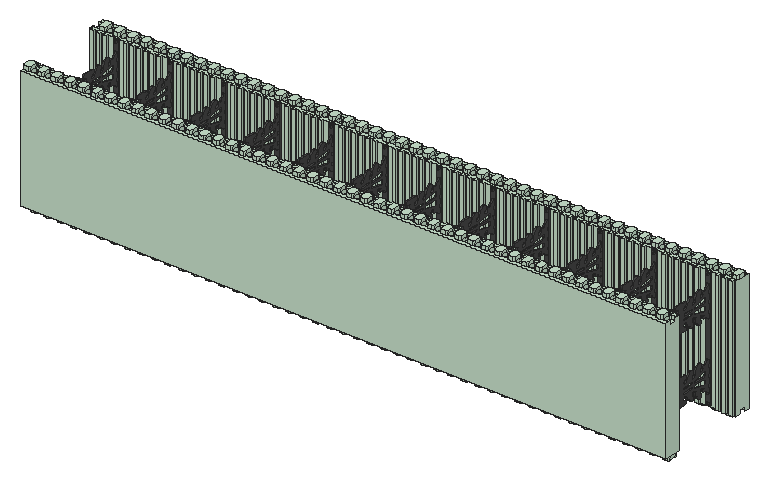
Revit family (continued)
Forms (in)
  Extrusion 44, void
    sketch origin (84, -2, 0) x (1, 0, 0) y (0, 1, 0)
      loop
        arc (1.17308, -3.73905) -> (1.04785, -3.82983) -> (1, -3.97692) r 0.25
        line (1, -3.97692) -> (1, -4.89808)
    from 18 to 17.5
  Extrusion 45, void
    sketch origin (86, -2, 0) x (1, 0, 0) y (0, 1, 0)
      loop
        arc (1, -4.89808) -> (1.04785, -5.04517) -> (1.17308, -5.13595) r 0.25
        arc (1.17308, -5.13595) -> (1.5, -5.1875) -> (1.82692, -5.13595) r 1.0625
        arc (1.82692, -5.13595) -> (1.95215, -5.04517) -> (2, -4.89808) r 0.25
        line (2, -4.89808) -> (2, -3.97692)
        arc (2, -3.97692) -> (1.98276, -3.88568) -> (1.9334, -3.80702) r 0.25
        arc (1.9334, -3.80702) -> (1.92106, -3.78736) -> (1.91675, -3.76455) r 0.0625
        line (1.91675, -3.76455) -> (1.91675, -3.41845) -> (1.74592, -3.41845) -> (1.74592, -3.64005)
        arc (1.74592, -3.64005) -> (1.72385, -3.68771) -> (1.67323, -3.70172) r 0.0625
        arc (1.67323, -3.70172) -> (1.42092, -3.69045) -> (1.17308, -3.73905) r 1.0625
        arc (1.17308, -3.73905) -> (1.04785, -3.82983) -> (1, -3.97692) r 0.25
        line (1, -3.97692) -> (1, -4.89808)
    from 18 to 17.5
  Extrusion 46, void
    sketch origin (88, -2, 0) x (1, 0, 0) y (0, 1, 0)
      loop
        arc (1, -4.89808) -> (1.04785, -5.04517) -> (1.17308, -5.13595) r 0.25
        arc (1.17308, -5.13595) -> (1.5, -5.1875) -> (1.82692, -5.13595) r 1.0625
        arc (1.82692, -5.13595) -> (1.95215, -5.04517) -> (2, -4.89808) r 0.25
        line (2, -4.89808) -> (2, -3.97692)
        arc (2, -3.97692) -> (1.98276, -3.88568) -> (1.9334, -3.80702) r 0.25
        arc (1.9334, -3.80702) -> (1.92106, -3.78736) -> (1.91675, -3.76455) r 0.0625
        line (1.91675, -3.76455) -> (1.91675, -3.41845) -> (1.74592, -3.41845) -> (1.74592, -3.64005)
        arc (1.74592, -3.64005) -> (1.72385, -3.68771) -> (1.67323, -3.70172) r 0.0625
        arc (1.67323, -3.70172) -> (1.42092, -3.69045) -> (1.17308, -3.73905) r 1.0625
        arc (1.17308, -3.73905) -> (1.04785, -3.82983) -> (1, -3.97692) r 0.25
        line (1, -3.97692) -> (1, -4.89808)
    from 18 to 17.5
  Extrusion 47, void
    sketch origin (90, -2, 0) x (1, 0, 0) y (0, 1, 0)
      loop
        arc (1, -4.89808) -> (1.04785, -5.04517) -> (1.17308, -5.13595) r 0.25
        arc (1.17308, -5.13595) -> (1.5, -5.1875) -> (1.82692, -5.13595) r 1.0625
        arc (1.82692, -5.13595) -> (1.95215, -5.04517) -> (2, -4.89808) r 0.25
        line (2, -4.89808) -> (2, -3.97692)
        arc (2, -3.97692) -> (1.98276, -3.88568) -> (1.9334, -3.80702) r 0.25
        arc (1.9334, -3.80702) -> (1.92106, -3.78736) -> (1.91675, -3.76455) r 0.0625
        line (1.91675, -3.76455) -> (1.91675, -3.41845) -> (1.74592, -3.41845) -> (1.74592, -3.64005)
        arc (1.74592, -3.64005) -> (1.72385, -3.68771) -> (1.67323, -3.70172) r 0.0625
        arc (1.67323, -3.70172) -> (1.42092, -3.69045) -> (1.17308, -3.73905) r 1.0625
        arc (1.17308, -3.73905) -> (1.04785, -3.82983) -> (1, -3.97692) r 0.25
        line (1, -3.97692) -> (1, -4.89808)
    from 18 to 17.5
  Extrusion 48, void
    sketch origin (92, -2, 0) x (1, 0, 0) y (0, 1, 0)
      loop
        arc (1, -4.89808) -> (1.04785, -5.04517) -> (1.17308, -5.13595) r 0.25
        arc (1.17308, -5.13595) -> (1.5, -5.1875) -> (1.82692, -5.13595) r 1.0625
        arc (1.82692, -5.13595) -> (1.95215, -5.04517) -> (2, -4.89808) r 0.25
        line (2, -4.89808) -> (2, -3.97692)
        arc (2, -3.97692) -> (1.98276, -3.88568) -> (1.9334, -3.80702) r 0.25
        arc (1.9334, -3.80702) -> (1.92106, -3.78736) -> (1.91675, -3.76455) r 0.0625
        line (1.91675, -3.76455) -> (1.91675, -3.41845) -> (1.74592, -3.41845) -> (1.74592, -3.64005)
        arc (1.74592, -3.64005) -> (1.72385, -3.68771) -> (1.67323, -3.70172) r 0.0625
        arc (1.67323, -3.70172) -> (1.42092, -3.69045) -> (1.17308, -3.73905) r 1.0625
        arc (1.17308, -3.73905) -> (1.04785, -3.82983) -> (1, -3.97692) r 0.25
        line (1, -3.97692) -> (1, -4.89808)
    from 18 to 17.5
  Extrusion 49, void
    sketch origin (94, -2, 0) x (1, 0, 0) y (0, 1, 0)
      loop
        arc (1, -4.89808) -> (1.04785, -5.04517) -> (1.17308, -5.13595) r 0.25
        arc (1.17308, -5.13595) -> (1.5, -5.1875) -> (1.82692, -5.13595) r 1.0625
        arc (1.82692, -5.13595) -> (1.95215, -5.04517) -> (2, -4.89808) r 0.25
        line (2, -4.89808) -> (2, -3.97692)
        arc (2, -3.97692) -> (1.98276, -3.88568) -> (1.9334, -3.80702) r 0.25
        arc (1.9334, -3.80702) -> (1.92106, -3.78736) -> (1.91675, -3.76455) r 0.0625
        line (1.91675, -3.76455) -> (1.91675, -3.41845) -> (1.74592, -3.41845) -> (1.74592, -3.64005)
        arc (1.74592, -3.64005) -> (1.72385, -3.68771) -> (1.67323, -3.70172) r 0.0625
        arc (1.67323, -3.70172) -> (1.42092, -3.69045) -> (1.17308, -3.73905) r 1.0625
        arc (1.17308, -3.73905) -> (1.04785, -3.82983) -> (1, -3.97692) r 0.25
        line (1, -3.97692) -> (1, -4.89808)
    from 18 to 17.5
  Extrusion 50, void
    sketch origin (96, 2, 0) x (-1, 0, 0) y (0, -1, 0)
      loop
        arc (1, -4.89808) -> (1.04785, -5.04517) -> (1.17308, -5.13595) r 0.25
        arc (1.17308, -5.13595) -> (1.5, -5.1875) -> (1.82692, -5.13595) r 1.0625
        arc (1.82692, -5.13595) -> (1.95215, -5.04517) -> (2, -4.89808) r 0.25
        line (2, -4.89808) -> (2, -3.97692)
        arc (2, -3.97692) -> (1.98276, -3.88568) -> (1.9334, -3.80702) r 0.25
        arc (1.9334, -3.80702) -> (1.92106, -3.78736) -> (1.91675, -3.76455) r 0.0625
        line (1.91675, -3.76455) -> (1.91675, -3.41845) -> (1.74592, -3.41845) -> (1.74592, -3.64005)
        arc (1.74592, -3.64005) -> (1.72385, -3.68771) -> (1.67323, -3.70172) r 0.0625
        arc (1.67323, -3.70172) -> (1.42092, -3.69045) -> (1.17308, -3.73905) r 1.0625
        arc (1.17308, -3.73905) -> (1.04785, -3.82983) -> (1, -3.97692) r 0.25
        line (1, -3.97692) -> (1, -4.89808)
    from 18 to 17.5
  Extrusion 51, void
    sketch origin (94, 2, 0) x (-1, 0, 0) y (0, -1, 0)
      loop
        arc (1, -4.89808) -> (1.04785, -5.04517) -> (1.17308, -5.13595) r 0.25
        arc (1.17308, -5.13595) -> (1.5, -5.1875) -> (1.82692, -5.13595) r 1.0625
        arc (1.82692, -5.13595) -> (1.95215, -5.04517) -> (2, -4.89808) r 0.25
        line (2, -4.89808) -> (2, -3.97692)
        arc (2, -3.97692) -> (1.98276, -3.88568) -> (1.9334, -3.80702) r 0.25
        arc (1.9334, -3.80702) -> (1.92106, -3.78736) -> (1.91675, -3.76455) r 0.0625
        line (1.91675, -3.76455) -> (1.91675, -3.41845) -> (1.74592, -3.41845) -> (1.74592, -3.64005)
        arc (1.74592, -3.64005) -> (1.72385, -3.68771) -> (1.67323, -3.70172) r 0.0625
        arc (1.67323, -3.70172) -> (1.42092, -3.69045) -> (1.17308, -3.73905) r 1.0625
        arc (1.17308, -3.73905) -> (1.04785, -3.82983) -> (1, -3.97692) r 0.25
        line (1, -3.97692) -> (1, -4.89808)
    from 18 to 17.5
  Extrusion 52, void
    sketch origin (92, 2, 0) x (-1, 0, 0) y (0, -1, 0)
      loop
        arc (1, -4.89808) -> (1.04785, -5.04517) -> (1.17308, -5.13595) r 0.25
        arc (1.17308, -5.13595) -> (1.5, -5.1875) -> (1.82692, -5.13595) r 1.0625
        arc (1.82692, -5.13595) -> (1.95215, -5.04517) -> (2, -4.89808) r 0.25
        line (2, -4.89808) -> (2, -3.97692)
        arc (2, -3.97692) -> (1.98276, -3.88568) -> (1.9334, -3.80702) r 0.25
        arc (1.9334, -3.80702) -> (1.92106, -3.78736) -> (1.91675, -3.76455) r 0.0625
        line (1.91675, -3.76455) -> (1.91675, -3.41845) -> (1.74592, -3.41845) -> (1.74592, -3.64005)
        arc (1.74592, -3.64005) -> (1.72385, -3.68771) -> (1.67323, -3.70172) r 0.0625
        arc (1.67323, -3.70172) -> (1.42092, -3.69045) -> (1.17308, -3.73905) r 1.0625
        arc (1.17308, -3.73905) -> (1.04785, -3.82983) -> (1, -3.97692) r 0.25
        line (1, -3.97692) -> (1, -4.89808)
    from 18 to 17.5
  Extrusion 53, void
    sketch origin (90, 2, 0) x (-1, 0, 0) y (0, -1, 0)
      loop
        arc (1, -4.89808) -> (1.04785, -5.04517) -> (1.17308, -5.13595) r 0.25
        arc (1.17308, -5.13595) -> (1.5, -5.1875) -> (1.82692, -5.13595) r 1.0625
        arc (1.82692, -5.13595) -> (1.95215, -5.04517) -> (2, -4.89808) r 0.25
        line (2, -4.89808) -> (2, -3.97692)
        arc (2, -3.97692) -> (1.98276, -3.88568) -> (1.9334, -3.80702) r 0.25
        arc (1.9334, -3.80702) -> (1.92106, -3.78736) -> (1.91675, -3.76455) r 0.0625
        line (1.91675, -3.76455) -> (1.91675, -3.41845) -> (1.74592, -3.41845) -> (1.74592, -3.64005)
        arc (1.74592, -3.64005) -> (1.72385, -3.68771) -> (1.67323, -3.70172) r 0.0625
        arc (1.67323, -3.70172) -> (1.42092, -3.69045) -> (1.17308, -3.73905) r 1.0625
        arc (1.17308, -3.73905) -> (1.04785, -3.82983) -> (1, -3.97692) r 0.25
        line (1, -3.97692) -> (1, -4.89808)
    from 18 to 17.5
  Extrusion 54, void
    sketch origin (88, 2, 0) x (-1, 0, 0) y (0, -1, 0)
      loop
        arc (1, -4.89808) -> (1.04785, -5.04517) -> (1.17308, -5.13595) r 0.25
        arc (1.17308, -5.13595) -> (1.5, -5.1875) -> (1.82692, -5.13595) r 1.0625
        arc (1.82692, -5.13595) -> (1.95215, -5.04517) -> (2, -4.89808) r 0.25
        line (2, -4.89808) -> (2, -3.97692)
        arc (2, -3.97692) -> (1.98276, -3.88568) -> (1.9334, -3.80702) r 0.25
        arc (1.9334, -3.80702) -> (1.92106, -3.78736) -> (1.91675, -3.76455) r 0.0625
        line (1.91675, -3.76455) -> (1.91675, -3.41845) -> (1.74592, -3.41845) -> (1.74592, -3.64005)
        arc (1.74592, -3.64005) -> (1.72385, -3.68771) -> (1.67323, -3.70172) r 0.0625
        arc (1.67323, -3.70172) -> (1.42092, -3.69045) -> (1.17308, -3.73905) r 1.0625
        arc (1.17308, -3.73905) -> (1.04785, -3.82983) -> (1, -3.97692) r 0.25
        line (1, -3.97692) -> (1, -4.89808)
    from 18 to 17.5
  Extrusion 55, void
    sketch origin (86, 2, 0) x (-1, 0, 0) y (0, -1, 0)
      loop
        arc (1, -4.89808) -> (1.04785, -5.04517) -> (1.17308, -5.13595) r 0.25
        arc (1.17308, -5.13595) -> (1.5, -5.1875) -> (1.82692, -5.13595) r 1.0625
        arc (1.82692, -5.13595) -> (1.95215, -5.04517) -> (2, -4.89808) r 0.25
        line (2, -4.89808) -> (2, -3.97692)
        arc (2, -3.97692) -> (1.98276, -3.88568) -> (1.9334, -3.80702) r 0.25
        arc (1.9334, -3.80702) -> (1.92106, -3.78736) -> (1.91675, -3.76455) r 0.0625
        line (1.91675, -3.76455) -> (1.91675, -3.41845) -> (1.74592, -3.41845) -> (1.74592, -3.64005)
        arc (1.74592, -3.64005) -> (1.72385, -3.68771) -> (1.67323, -3.70172) r 0.0625
        arc (1.67323, -3.70172) -> (1.42092, -3.69045) -> (1.17308, -3.73905) r 1.0625
        arc (1.17308, -3.73905) -> (1.04785, -3.82983) -> (1, -3.97692) r 0.25
        line (1, -3.97692) -> (1, -4.89808)
    from 18 to 17.5
  Extrusion 56, void
    sketch origin (84, 2, 0) x (-1, 0, 0) y (0, -1, 0)
      loop
        arc (1, -4.89808) -> (1.04785, -5.04517) -> (1.17308, -5.13595) r 0.25
        arc (1.17308, -5.13595) -> (1.5, -5.1875) -> (1.82692, -5.13595) r 1.0625
        arc (1.82692, -5.13595) -> (1.95215, -5.04517) -> (2, -4.89808) r 0.25
        line (2, -4.89808) -> (2, -3.97692)
        arc (2, -3.97692) -> (1.98276, -3.88568) -> (1.9334, -3.80702) r 0.25
        arc (1.9334, -3.80702) -> (1.92106, -3.78736) -> (1.91675, -3.76455) r 0.0625
        line (1.91675, -3.76455) -> (1.91675, -3.41845) -> (1.74592, -3.41845) -> (1.74592, -3.64005)
        arc (1.74592, -3.64005) -> (1.72385, -3.68771) -> (1.67323, -3.70172) r 0.0625
        arc (1.67323, -3.70172) -> (1.42092, -3.69045) -> (1.17308, -3.73905) r 1.0625
        arc (1.17308, -3.73905) -> (1.04785, -3.82983) -> (1, -3.97692) r 0.25
        line (1, -3.97692) -> (1, -4.89808)
    from 18 to 17.5
  Extrusion 57, void
    sketch origin (82, 2, 0) x (-1, 0, 0) y (0, -1, 0)
      loop
        arc (1, -4.89808) -> (1.04785, -5.04517) -> (1.17308, -5.13595) r 0.25
        arc (1.17308, -5.13595) -> (1.5, -5.1875) -> (1.82692, -5.13595) r 1.0625
        arc (1.82692, -5.13595) -> (1.95215, -5.04517) -> (2, -4.89808) r 0.25
        line (2, -4.89808) -> (2, -3.97692)
        arc (2, -3.97692) -> (1.98276, -3.88568) -> (1.9334, -3.80702) r 0.25
        arc (1.9334, -3.80702) -> (1.92106, -3.78736) -> (1.91675, -3.76455) r 0.0625
        line (1.91675, -3.76455) -> (1.91675, -3.41845) -> (1.74592, -3.41845) -> (1.74592, -3.64005)
        arc (1.74592, -3.64005) -> (1.72385, -3.68771) -> (1.67323, -3.70172) r 0.0625
        arc (1.67323, -3.70172) -> (1.42092, -3.69045) -> (1.17308, -3.73905) r 1.0625
        arc (1.17308, -3.73905) -> (1.04785, -3.82983) -> (1, -3.97692) r 0.25
        line (1, -3.97692) -> (1, -4.89808)
    from 18 to 17.5
  Extrusion 58, void
    sketch origin (80, 2, 0) x (-1, 0, 0) y (0, -1, 0)
      loop
        arc (1, -4.89808) -> (1.04785, -5.04517) -> (1.17308, -5.13595) r 0.25
        arc (1.17308, -5.13595) -> (1.5, -5.1875) -> (1.82692, -5.13595) r 1.0625
        arc (1.82692, -5.13595) -> (1.95215, -5.04517) -> (2, -4.89808) r 0.25
        line (2, -4.89808) -> (2, -3.97692)
        arc (2, -3.97692) -> (1.98276, -3.88568) -> (1.9334, -3.80702) r 0.25
        arc (1.9334, -3.80702) -> (1.92106, -3.78736) -> (1.91675, -3.76455) r 0.0625
        line (1.91675, -3.76455) -> (1.91675, -3.41845) -> (1.74592, -3.41845) -> (1.74592, -3.64005)
        arc (1.74592, -3.64005) -> (1.72385, -3.68771) -> (1.67323, -3.70172) r 0.0625
        arc (1.67323, -3.70172) -> (1.42092, -3.69045) -> (1.17308, -3.73905) r 1.0625
        arc (1.17308, -3.73905) -> (1.04785, -3.82983) -> (1, -3.97692) r 0.25
        line (1, -3.97692) -> (1, -4.89808)
    from 18 to 17.5
  Extrusion 59, void
    sketch origin (78, 2, 0) x (-1, 0, 0) y (0, -1, 0)
      loop
        arc (1, -4.89808) -> (1.04785, -5.04517) -> (1.17308, -5.13595) r 0.25
        arc (1.17308, -5.13595) -> (1.5, -5.1875) -> (1.82692, -5.13595) r 1.0625
        arc (1.82692, -5.13595) -> (1.95215, -5.04517) -> (2, -4.89808) r 0.25
        line (2, -4.89808) -> (2, -3.97692)
        arc (2, -3.97692) -> (1.98276, -3.88568) -> (1.9334, -3.80702) r 0.25
        arc (1.9334, -3.80702) -> (1.92106, -3.78736) -> (1.91675, -3.76455) r 0.0625
        line (1.91675, -3.76455) -> (1.91675, -3.41845) -> (1.74592, -3.41845) -> (1.74592, -3.64005)
        arc (1.74592, -3.64005) -> (1.72385, -3.68771) -> (1.67323, -3.70172) r 0.0625
        arc (1.67323, -3.70172) -> (1.42092, -3.69045) -> (1.17308, -3.73905) r 1.0625
        arc (1.17308, -3.73905) -> (1.04785, -3.82983) -> (1, -3.97692) r 0.25
        line (1, -3.97692) -> (1, -4.89808)
    from 18 to 17.5
  Extrusion 60, void
    sketch origin (76, 2, 0) x (-1, 0, 0) y (0, -1, 0)
      loop
        arc (1, -4.89808) -> (1.04785, -5.04517) -> (1.17308, -5.13595) r 0.25
        arc (1.17308, -5.13595) -> (1.5, -5.1875) -> (1.82692, -5.13595) r 1.0625
        arc (1.82692, -5.13595) -> (1.95215, -5.04517) -> (2, -4.89808) r 0.25
        line (2, -4.89808) -> (2, -3.97692)
        arc (2, -3.97692) -> (1.98276, -3.88568) -> (1.9334, -3.80702) r 0.25
        arc (1.9334, -3.80702) -> (1.92106, -3.78736) -> (1.91675, -3.76455) r 0.0625
        line (1.91675, -3.76455) -> (1.91675, -3.41845) -> (1.74592, -3.41845) -> (1.74592, -3.64005)
        arc (1.74592, -3.64005) -> (1.72385, -3.68771) -> (1.67323, -3.70172) r 0.0625
        arc (1.67323, -3.70172) -> (1.42092, -3.69045) -> (1.17308, -3.73905) r 1.0625
        arc (1.17308, -3.73905) -> (1.04785, -3.82983) -> (1, -3.97692) r 0.25
        line (1, -3.97692) -> (1, -4.89808)
    from 18 to 17.5
  Extrusion 61, void
    sketch origin (74, 2, 0) x (-1, 0, 0) y (0, -1, 0)
      loop
        arc (1, -4.89808) -> (1.04785, -5.04517) -> (1.17308, -5.13595) r 0.25
        arc (1.17308, -5.13595) -> (1.5, -5.1875) -> (1.82692, -5.13595) r 1.0625
        arc (1.82692, -5.13595) -> (1.95215, -5.04517) -> (2, -4.89808) r 0.25
        line (2, -4.89808) -> (2, -3.97692)
        arc (2, -3.97692) -> (1.98276, -3.88568) -> (1.9334, -3.80702) r 0.25
        arc (1.9334, -3.80702) -> (1.92106, -3.78736) -> (1.91675, -3.76455) r 0.0625
        line (1.91675, -3.76455) -> (1.91675, -3.41845) -> (1.74592, -3.41845) -> (1.74592, -3.64005)
        arc (1.74592, -3.64005) -> (1.72385, -3.68771) -> (1.67323, -3.70172) r 0.0625
        arc (1.67323, -3.70172) -> (1.42092, -3.69045) -> (1.17308, -3.73905) r 1.0625
        arc (1.17308, -3.73905) -> (1.04785, -3.82983) -> (1, -3.97692) r 0.25
        line (1, -3.97692) -> (1, -4.89808)
    from 18 to 17.5
  Extrusion 62, void
    sketch origin (72, 2, 0) x (-1, 0, 0) y (0, -1, 0)
      loop
        arc (1, -4.89808) -> (1.04785, -5.04517) -> (1.17308, -5.13595) r 0.25
        arc (1.17308, -5.13595) -> (1.5, -5.1875) -> (1.82692, -5.13595) r 1.0625
        arc (1.82692, -5.13595) -> (1.95215, -5.04517) -> (2, -4.89808) r 0.25
        line (2, -4.89808) -> (2, -3.97692)
        arc (2, -3.97692) -> (1.98276, -3.88568) -> (1.9334, -3.80702) r 0.25
        arc (1.9334, -3.80702) -> (1.92106, -3.78736) -> (1.91675, -3.76455) r 0.0625
        line (1.91675, -3.76455) -> (1.91675, -3.41845) -> (1.74592, -3.41845) -> (1.74592, -3.64005)
        arc (1.74592, -3.64005) -> (1.72385, -3.68771) -> (1.67323, -3.70172) r 0.0625
        arc (1.67323, -3.70172) -> (1.42092, -3.69045) -> (1.17308, -3.73905) r 1.0625
        arc (1.17308, -3.73905) -> (1.04785, -3.82983) -> (1, -3.97692) r 0.25
        line (1, -3.97692) -> (1, -4.89808)
    from 18 to 17.5
  Extrusion 63, void
    sketch origin (70, 2, 0) x (-1, 0, 0) y (0, -1, 0)
      loop
        arc (1, -4.89808) -> (1.04785, -5.04517) -> (1.17308, -5.13595) r 0.25
        arc (1.17308, -5.13595) -> (1.5, -5.1875) -> (1.82692, -5.13595) r 1.0625
        arc (1.82692, -5.13595) -> (1.95215, -5.04517) -> (2, -4.89808) r 0.25
        line (2, -4.89808) -> (2, -3.97692)
        arc (2, -3.97692) -> (1.98276, -3.88568) -> (1.9334, -3.80702) r 0.25
        arc (1.9334, -3.80702) -> (1.92106, -3.78736) -> (1.91675, -3.76455) r 0.0625
        line (1.91675, -3.76455) -> (1.91675, -3.41845) -> (1.74592, -3.41845) -> (1.74592, -3.64005)
        arc (1.74592, -3.64005) -> (1.72385, -3.68771) -> (1.67323, -3.70172) r 0.0625
        arc (1.67323, -3.70172) -> (1.42092, -3.69045) -> (1.17308, -3.73905) r 1.0625
        arc (1.17308, -3.73905) -> (1.04785, -3.82983) -> (1, -3.97692) r 0.25
        line (1, -3.97692) -> (1, -4.89808)
    from 18 to 17.5
  Extrusion 64, void
    sketch origin (68, 2, 0) x (-1, 0, 0) y (0, -1, 0)
      loop
        arc (1, -4.89808) -> (1.04785, -5.04517) -> (1.17308, -5.13595) r 0.25
        arc (1.17308, -5.13595) -> (1.5, -5.1875) -> (1.82692, -5.13595) r 1.0625
        arc (1.82692, -5.13595) -> (1.95215, -5.04517) -> (2, -4.89808) r 0.25
        line (2, -4.89808) -> (2, -3.97692)
        arc (2, -3.97692) -> (1.98276, -3.88568) -> (1.9334, -3.80702) r 0.25
        arc (1.9334, -3.80702) -> (1.92106, -3.78736) -> (1.91675, -3.76455) r 0.0625
        line (1.91675, -3.76455) -> (1.91675, -3.41845) -> (1.74592, -3.41845) -> (1.74592, -3.64005)
        arc (1.74592, -3.64005) -> (1.72385, -3.68771) -> (1.67323, -3.70172) r 0.0625
        arc (1.67323, -3.70172) -> (1.42092, -3.69045) -> (1.17308, -3.73905) r 1.0625
        arc (1.17308, -3.73905) -> (1.04785, -3.82983) -> (1, -3.97692) r 0.25
        line (1, -3.97692) -> (1, -4.89808)
    from 18 to 17.5
  Extrusion 65, void
    sketch origin (66, 2, 0) x (-1, 0, 0) y (0, -1, 0)
      loop
        arc (1, -4.89808) -> (1.04785, -5.04517) -> (1.17308, -5.13595) r 0.25
        arc (1.17308, -5.13595) -> (1.5, -5.1875) -> (1.82692, -5.13595) r 1.0625
        arc (1.82692, -5.13595) -> (1.95215, -5.04517) -> (2, -4.89808) r 0.25
        line (2, -4.89808) -> (2, -3.97692)
        arc (2, -3.97692) -> (1.98276, -3.88568) -> (1.9334, -3.80702) r 0.25
        arc (1.9334, -3.80702) -> (1.92106, -3.78736) -> (1.91675, -3.76455) r 0.0625
        line (1.91675, -3.76455) -> (1.91675, -3.41845) -> (1.74592, -3.41845) -> (1.74592, -3.64005)
        arc (1.74592, -3.64005) -> (1.72385, -3.68771) -> (1.67323, -3.70172) r 0.0625
        arc (1.67323, -3.70172) -> (1.42092, -3.69045) -> (1.17308, -3.73905) r 1.0625
        arc (1.17308, -3.73905) -> (1.04785, -3.82983) -> (1, -3.97692) r 0.25
        line (1, -3.97692) -> (1, -4.89808)
    from 18 to 17.5
  Extrusion 66, void
    sketch origin (64, 2, 0) x (-1, 0, 0) y (0, -1, 0)
      loop
        arc (1, -4.89808) -> (1.04785, -5.04517) -> (1.17308, -5.13595) r 0.25
        arc (1.17308, -5.13595) -> (1.5, -5.1875) -> (1.82692, -5.13595) r 1.0625
        arc (1.82692, -5.13595) -> (1.95215, -5.04517) -> (2, -4.89808) r 0.25
        line (2, -4.89808) -> (2, -3.97692)
        arc (2, -3.97692) -> (1.98276, -3.88568) -> (1.9334, -3.80702) r 0.25
        arc (1.9334, -3.80702) -> (1.92106, -3.78736) -> (1.91675, -3.76455) r 0.0625
        line (1.91675, -3.76455) -> (1.91675, -3.41845) -> (1.74592, -3.41845) -> (1.74592, -3.64005)
        arc (1.74592, -3.64005) -> (1.72385, -3.68771) -> (1.67323, -3.70172) r 0.0625
        arc (1.67323, -3.70172) -> (1.42092, -3.69045) -> (1.17308, -3.73905) r 1.0625
        arc (1.17308, -3.73905) -> (1.04785, -3.82983) -> (1, -3.97692) r 0.25
        line (1, -3.97692) -> (1, -4.89808)
    from 18 to 17.5
  Extrusion 67, void
    sketch origin (62, 2, 0) x (-1, 0, 0) y (0, -1, 0)
      loop
        arc (1, -4.89808) -> (1.04785, -5.04517) -> (1.17308, -5.13595) r 0.25
        arc (1.17308, -5.13595) -> (1.5, -5.1875) -> (1.82692, -5.13595) r 1.0625
        arc (1.82692, -5.13595) -> (1.95215, -5.04517) -> (2, -4.89808) r 0.25
        line (2, -4.89808) -> (2, -3.97692)
        arc (2, -3.97692) -> (1.98276, -3.88568) -> (1.9334, -3.80702) r 0.25
        arc (1.9334, -3.80702) -> (1.92106, -3.78736) -> (1.91675, -3.76455) r 0.0625
        line (1.91675, -3.76455) -> (1.91675, -3.41845) -> (1.74592, -3.41845) -> (1.74592, -3.64005)
        arc (1.74592, -3.64005) -> (1.72385, -3.68771) -> (1.67323, -3.70172) r 0.0625
        arc (1.67323, -3.70172) -> (1.42092, -3.69045) -> (1.17308, -3.73905) r 1.0625
        arc (1.17308, -3.73905) -> (1.04785, -3.82983) -> (1, -3.97692) r 0.25
        line (1, -3.97692) -> (1, -4.89808)
    from 18 to 17.5
  Extrusion 68, void
    sketch origin (60, 2, 0) x (-1, 0, 0) y (0, -1, 0)
      loop
        arc (1, -4.89808) -> (1.04785, -5.04517) -> (1.17308, -5.13595) r 0.25
        arc (1.17308, -5.13595) -> (1.5, -5.1875) -> (1.82692, -5.13595) r 1.0625
        arc (1.82692, -5.13595) -> (1.95215, -5.04517) -> (2, -4.89808) r 0.25
        line (2, -4.89808) -> (2, -3.97692)
        arc (2, -3.97692) -> (1.98276, -3.88568) -> (1.9334, -3.80702) r 0.25
        arc (1.9334, -3.80702) -> (1.92106, -3.78736) -> (1.91675, -3.76455) r 0.0625
        line (1.91675, -3.76455) -> (1.91675, -3.41845) -> (1.74592, -3.41845) -> (1.74592, -3.64005)
        arc (1.74592, -3.64005) -> (1.72385, -3.68771) -> (1.67323, -3.70172) r 0.0625
        arc (1.67323, -3.70172) -> (1.42092, -3.69045) -> (1.17308, -3.73905) r 1.0625
        arc (1.17308, -3.73905) -> (1.04785, -3.82983) -> (1, -3.97692) r 0.25
        line (1, -3.97692) -> (1, -4.89808)
    from 18 to 17.5
  Extrusion 69, void
    sketch origin (58, 2, 0) x (-1, 0, 0) y (0, -1, 0)
      loop
        arc (1, -4.89808) -> (1.04785, -5.04517) -> (1.17308, -5.13595) r 0.25
        arc (1.17308, -5.13595) -> (1.5, -5.1875) -> (1.82692, -5.13595) r 1.0625
        arc (1.82692, -5.13595) -> (1.95215, -5.04517) -> (2, -4.89808) r 0.25
        line (2, -4.89808) -> (2, -3.97692)
        arc (2, -3.97692) -> (1.98276, -3.88568) -> (1.9334, -3.80702) r 0.25
        arc (1.9334, -3.80702) -> (1.92106, -3.78736) -> (1.91675, -3.76455) r 0.0625
        line (1.91675, -3.76455) -> (1.91675, -3.41845) -> (1.74592, -3.41845) -> (1.74592, -3.64005)
        arc (1.74592, -3.64005) -> (1.72385, -3.68771) -> (1.67323, -3.70172) r 0.0625
        arc (1.67323, -3.70172) -> (1.42092, -3.69045) -> (1.17308, -3.73905) r 1.0625
        arc (1.17308, -3.73905) -> (1.04785, -3.82983) -> (1, -3.97692) r 0.25
        line (1, -3.97692) -> (1, -4.89808)
    from 18 to 17.5
  Extrusion 70, void
    sketch origin (56, 2, 0) x (-1, 0, 0) y (0, -1, 0)
      loop
        arc (1, -4.89808) -> (1.04785, -5.04517) -> (1.17308, -5.13595) r 0.25
        arc (1.17308, -5.13595) -> (1.5, -5.1875) -> (1.82692, -5.13595) r 1.0625
        arc (1.82692, -5.13595) -> (1.95215, -5.04517) -> (2, -4.89808) r 0.25
        line (2, -4.89808) -> (2, -3.97692)
        arc (2, -3.97692) -> (1.98276, -3.88568) -> (1.9334, -3.80702) r 0.25
        arc (1.9334, -3.80702) -> (1.92106, -3.78736) -> (1.91675, -3.76455) r 0.0625
        line (1.91675, -3.76455) -> (1.91675, -3.41845) -> (1.74592, -3.41845) -> (1.74592, -3.64005)
        arc (1.74592, -3.64005) -> (1.72385, -3.68771) -> (1.67323, -3.70172) r 0.0625
        arc (1.67323, -3.70172) -> (1.42092, -3.69045) -> (1.17308, -3.73905) r 1.0625
        arc (1.17308, -3.73905) -> (1.04785, -3.82983) -> (1, -3.97692) r 0.25
        line (1, -3.97692) -> (1, -4.89808)
    from 18 to 17.5
  Extrusion 71, void
    sketch origin (54, 2, 0) x (-1, 0, 0) y (0, -1, 0)
      loop
        arc (1, -4.89808) -> (1.04785, -5.04517) -> (1.17308, -5.13595) r 0.25
        arc (1.17308, -5.13595) -> (1.5, -5.1875) -> (1.82692, -5.13595) r 1.0625
        arc (1.82692, -5.13595) -> (1.95215, -5.04517) -> (2, -4.89808) r 0.25
        line (2, -4.89808) -> (2, -3.97692)
        arc (2, -3.97692) -> (1.98276, -3.88568) -> (1.9334, -3.80702) r 0.25
        arc (1.9334, -3.80702) -> (1.92106, -3.78736) -> (1.91675, -3.76455) r 0.0625
        line (1.91675, -3.76455) -> (1.91675, -3.41845) -> (1.74592, -3.41845) -> (1.74592, -3.64005)
        arc (1.74592, -3.64005) -> (1.72385, -3.68771) -> (1.67323, -3.70172) r 0.0625
        arc (1.67323, -3.70172) -> (1.42092, -3.69045) -> (1.17308, -3.73905) r 1.0625
        arc (1.17308, -3.73905) -> (1.04785, -3.82983) -> (1, -3.97692) r 0.25
        line (1, -3.97692) -> (1, -4.89808)
    from 18 to 17.5
  Extrusion 72, void
    sketch origin (52, 2, 0) x (-1, 0, 0) y (0, -1, 0)
      loop
        arc (1, -4.89808) -> (1.04785, -5.04517) -> (1.17308, -5.13595) r 0.25
        arc (1.17308, -5.13595) -> (1.5, -5.1875) -> (1.82692, -5.13595) r 1.0625
        arc (1.82692, -5.13595) -> (1.95215, -5.04517) -> (2, -4.89808) r 0.25
        line (2, -4.89808) -> (2, -3.97692)
        arc (2, -3.97692) -> (1.98276, -3.88568) -> (1.9334, -3.80702) r 0.25
        arc (1.9334, -3.80702) -> (1.92106, -3.78736) -> (1.91675, -3.76455) r 0.0625
        line (1.91675, -3.76455) -> (1.91675, -3.41845) -> (1.74592, -3.41845) -> (1.74592, -3.64005)
        arc (1.74592, -3.64005) -> (1.72385, -3.68771) -> (1.67323, -3.70172) r 0.0625
        arc (1.67323, -3.70172) -> (1.42092, -3.69045) -> (1.17308, -3.73905) r 1.0625
        arc (1.17308, -3.73905) -> (1.04785, -3.82983) -> (1, -3.97692) r 0.25
        line (1, -3.97692) -> (1, -4.89808)
    from 18 to 17.5
  Extrusion 73, void
    sketch origin (50, 2, 0) x (-1, 0, 0) y (0, -1, 0)
      loop
        arc (1, -4.89808) -> (1.04785, -5.04517) -> (1.17308, -5.13595) r 0.25
        arc (1.17308, -5.13595) -> (1.5, -5.1875) -> (1.82692, -5.13595) r 1.0625
        arc (1.82692, -5.13595) -> (1.95215, -5.04517) -> (2, -4.89808) r 0.25
        line (2, -4.89808) -> (2, -3.97692)
        arc (2, -3.97692) -> (1.98276, -3.88568) -> (1.9334, -3.80702) r 0.25
        arc (1.9334, -3.80702) -> (1.92106, -3.78736) -> (1.91675, -3.76455) r 0.0625
        line (1.91675, -3.76455) -> (1.91675, -3.41845) -> (1.74592, -3.41845) -> (1.74592, -3.64005)
        arc (1.74592, -3.64005) -> (1.72385, -3.68771) -> (1.67323, -3.70172) r 0.0625
        arc (1.67323, -3.70172) -> (1.42092, -3.69045) -> (1.17308, -3.73905) r 1.0625
        arc (1.17308, -3.73905) -> (1.04785, -3.82983) -> (1, -3.97692) r 0.25
        line (1, -3.97692) -> (1, -4.89808)
    from 18 to 17.5
  Extrusion 74, void
    sketch origin (48, 2, 0) x (-1, 0, 0) y (0, -1, 0)
      loop
        arc (1, -4.89808) -> (1.04785, -5.04517) -> (1.17308, -5.13595) r 0.25
        arc (1.17308, -5.13595) -> (1.5, -5.1875) -> (1.82692, -5.13595) r 1.0625
        arc (1.82692, -5.13595) -> (1.95215, -5.04517) -> (2, -4.89808) r 0.25
        line (2, -4.89808) -> (2, -3.97692)
        arc (2, -3.97692) -> (1.98276, -3.88568) -> (1.9334, -3.80702) r 0.25
        arc (1.9334, -3.80702) -> (1.92106, -3.78736) -> (1.91675, -3.76455) r 0.0625
        line (1.91675, -3.76455) -> (1.91675, -3.41845) -> (1.74592, -3.41845) -> (1.74592, -3.64005)
        arc (1.74592, -3.64005) -> (1.72385, -3.68771) -> (1.67323, -3.70172) r 0.0625
        arc (1.67323, -3.70172) -> (1.42092, -3.69045) -> (1.17308, -3.73905) r 1.0625
        arc (1.17308, -3.73905) -> (1.04785, -3.82983) -> (1, -3.97692) r 0.25
        line (1, -3.97692) -> (1, -4.89808)
    from 18 to 17.5
  Extrusion 75, void
    sketch origin (46, 2, 0) x (-1, 0, 0) y (0, -1, 0)
      loop
        arc (1, -4.89808) -> (1.04785, -5.04517) -> (1.17308, -5.13595) r 0.25
        arc (1.17308, -5.13595) -> (1.5, -5.1875) -> (1.82692, -5.13595) r 1.0625
        arc (1.82692, -5.13595) -> (1.95215, -5.04517) -> (2, -4.89808) r 0.25
        line (2, -4.89808) -> (2, -3.97692)
        arc (2, -3.97692) -> (1.98276, -3.88568) -> (1.9334, -3.80702) r 0.25
        arc (1.9334, -3.80702) -> (1.92106, -3.78736) -> (1.91675, -3.76455) r 0.0625
        line (1.91675, -3.76455) -> (1.91675, -3.41845) -> (1.74592, -3.41845) -> (1.74592, -3.64005)
        arc (1.74592, -3.64005) -> (1.72385, -3.68771) -> (1.67323, -3.70172) r 0.0625
        arc (1.67323, -3.70172) -> (1.42092, -3.69045) -> (1.17308, -3.73905) r 1.0625
        arc (1.17308, -3.73905) -> (1.04785, -3.82983) -> (1, -3.97692) r 0.25
        line (1, -3.97692) -> (1, -4.89808)
    from 18 to 17.5
  Extrusion 76, void
    sketch origin (44, 2, 0) x (-1, 0, 0) y (0, -1, 0)
      loop
        arc (1, -4.89808) -> (1.04785, -5.04517) -> (1.17308, -5.13595) r 0.25
        arc (1.17308, -5.13595) -> (1.5, -5.1875) -> (1.82692, -5.13595) r 1.0625
        arc (1.82692, -5.13595) -> (1.95215, -5.04517) -> (2, -4.89808) r 0.25
        line (2, -4.89808) -> (2, -3.97692)
        arc (2, -3.97692) -> (1.98276, -3.88568) -> (1.9334, -3.80702) r 0.25
        arc (1.9334, -3.80702) -> (1.92106, -3.78736) -> (1.91675, -3.76455) r 0.0625
        line (1.91675, -3.76455) -> (1.91675, -3.41845) -> (1.74592, -3.41845) -> (1.74592, -3.64005)
        arc (1.74592, -3.64005) -> (1.72385, -3.68771) -> (1.67323, -3.70172) r 0.0625
        arc (1.67323, -3.70172) -> (1.42092, -3.69045) -> (1.17308, -3.73905) r 1.0625
        arc (1.17308, -3.73905) -> (1.04785, -3.82983) -> (1, -3.97692) r 0.25
        line (1, -3.97692) -> (1, -4.89808)
    from 18 to 17.5
  Extrusion 77, void
    sketch origin (42, 2, 0) x (-1, 0, 0) y (0, -1, 0)
      loop
        arc (1, -4.89808) -> (1.04785, -5.04517) -> (1.17308, -5.13595) r 0.25
        arc (1.17308, -5.13595) -> (1.5, -5.1875) -> (1.82692, -5.13595) r 1.0625
        arc (1.82692, -5.13595) -> (1.95215, -5.04517) -> (2, -4.89808) r 0.25
        line (2, -4.89808) -> (2, -3.97692)
        arc (2, -3.97692) -> (1.98276, -3.88568) -> (1.9334, -3.80702) r 0.25
        arc (1.9334, -3.80702) -> (1.92106, -3.78736) -> (1.91675, -3.76455) r 0.0625
        line (1.91675, -3.76455) -> (1.91675, -3.41845) -> (1.74592, -3.41845) -> (1.74592, -3.64005)
        arc (1.74592, -3.64005) -> (1.72385, -3.68771) -> (1.67323, -3.70172) r 0.0625
        arc (1.67323, -3.70172) -> (1.42092, -3.69045) -> (1.17308, -3.73905) r 1.0625
        arc (1.17308, -3.73905) -> (1.04785, -3.82983) -> (1, -3.97692) r 0.25
        line (1, -3.97692) -> (1, -4.89808)
    from 18 to 17.5
  Extrusion 78, void
    sketch origin (40, 2, 0) x (-1, 0, 0) y (0, -1, 0)
      loop
        arc (1, -4.89808) -> (1.04785, -5.04517) -> (1.17308, -5.13595) r 0.25
        arc (1.17308, -5.13595) -> (1.5, -5.1875) -> (1.82692, -5.13595) r 1.0625
        arc (1.82692, -5.13595) -> (1.95215, -5.04517) -> (2, -4.89808) r 0.25
        line (2, -4.89808) -> (2, -3.97692)
        arc (2, -3.97692) -> (1.98276, -3.88568) -> (1.9334, -3.80702) r 0.25
        arc (1.9334, -3.80702) -> (1.92106, -3.78736) -> (1.91675, -3.76455) r 0.0625
        line (1.91675, -3.76455) -> (1.91675, -3.41845) -> (1.74592, -3.41845) -> (1.74592, -3.64005)
        arc (1.74592, -3.64005) -> (1.72385, -3.68771) -> (1.67323, -3.70172) r 0.0625
        arc (1.67323, -3.70172) -> (1.42092, -3.69045) -> (1.17308, -3.73905) r 1.0625
        arc (1.17308, -3.73905) -> (1.04785, -3.82983) -> (1, -3.97692) r 0.25
        line (1, -3.97692) -> (1, -4.89808)
    from 18 to 17.5
  Extrusion 79, void
    sketch origin (38, 2, 0) x (-1, 0, 0) y (0, -1, 0)
      loop
        arc (1, -4.89808) -> (1.04785, -5.04517) -> (1.17308, -5.13595) r 0.25
        arc (1.17308, -5.13595) -> (1.5, -5.1875) -> (1.82692, -5.13595) r 1.0625
        arc (1.82692, -5.13595) -> (1.95215, -5.04517) -> (2, -4.89808) r 0.25
        line (2, -4.89808) -> (2, -3.97692)
        arc (2, -3.97692) -> (1.98276, -3.88568) -> (1.9334, -3.80702) r 0.25
        arc (1.9334, -3.80702) -> (1.92106, -3.78736) -> (1.91675, -3.76455) r 0.0625
        line (1.91675, -3.76455) -> (1.91675, -3.41845) -> (1.74592, -3.41845) -> (1.74592, -3.64005)
        arc (1.74592, -3.64005) -> (1.72385, -3.68771) -> (1.67323, -3.70172) r 0.0625
        arc (1.67323, -3.70172) -> (1.42092, -3.69045) -> (1.17308, -3.73905) r 1.0625
        arc (1.17308, -3.73905) -> (1.04785, -3.82983) -> (1, -3.97692) r 0.25
        line (1, -3.97692) -> (1, -4.89808)
    from 18 to 17.5
  Extrusion 80, void
    sketch origin (36, 2, 0) x (-1, 0, 0) y (0, -1, 0)
      loop
        arc (1, -4.89808) -> (1.04785, -5.04517) -> (1.17308, -5.13595) r 0.25
        arc (1.17308, -5.13595) -> (1.5, -5.1875) -> (1.82692, -5.13595) r 1.0625
        arc (1.82692, -5.13595) -> (1.95215, -5.04517) -> (2, -4.89808) r 0.25
        line (2, -4.89808) -> (2, -3.97692)
        arc (2, -3.97692) -> (1.98276, -3.88568) -> (1.9334, -3.80702) r 0.25
        arc (1.9334, -3.80702) -> (1.92106, -3.78736) -> (1.91675, -3.76455) r 0.0625
        line (1.91675, -3.76455) -> (1.91675, -3.41845) -> (1.74592, -3.41845) -> (1.74592, -3.64005)
        arc (1.74592, -3.64005) -> (1.72385, -3.68771) -> (1.67323, -3.70172) r 0.0625
        arc (1.67323, -3.70172) -> (1.42092, -3.69045) -> (1.17308, -3.73905) r 1.0625
        arc (1.17308, -3.73905) -> (1.04785, -3.82983) -> (1, -3.97692) r 0.25
        line (1, -3.97692) -> (1, -4.89808)
    from 18 to 17.5
  Extrusion 81, void
    sketch origin (34, 2, 0) x (-1, 0, 0) y (0, -1, 0)
      loop
        arc (1, -4.89808) -> (1.04785, -5.04517) -> (1.17308, -5.13595) r 0.25
        arc (1.17308, -5.13595) -> (1.5, -5.1875) -> (1.82692, -5.13595) r 1.0625
        arc (1.82692, -5.13595) -> (1.95215, -5.04517) -> (2, -4.89808) r 0.25
        line (2, -4.89808) -> (2, -3.97692)
        arc (2, -3.97692) -> (1.98276, -3.88568) -> (1.9334, -3.80702) r 0.25
        arc (1.9334, -3.80702) -> (1.92106, -3.78736) -> (1.91675, -3.76455) r 0.0625
        line (1.91675, -3.76455) -> (1.91675, -3.41845) -> (1.74592, -3.41845) -> (1.74592, -3.64005)
        arc (1.74592, -3.64005) -> (1.72385, -3.68771) -> (1.67323, -3.70172) r 0.0625
        arc (1.67323, -3.70172) -> (1.42092, -3.69045) -> (1.17308, -3.73905) r 1.0625
        arc (1.17308, -3.73905) -> (1.04785, -3.82983) -> (1, -3.97692) r 0.25
        line (1, -3.97692) -> (1, -4.89808)
    from 18 to 17.5
  Extrusion 82, void
    sketch origin (32, 2, 0) x (-1, 0, 0) y (0, -1, 0)
      loop
        arc (1, -4.89808) -> (1.04785, -5.04517) -> (1.17308, -5.13595) r 0.25
        arc (1.17308, -5.13595) -> (1.5, -5.1875) -> (1.82692, -5.13595) r 1.0625
        arc (1.82692, -5.13595) -> (1.95215, -5.04517) -> (2, -4.89808) r 0.25
        line (2, -4.89808) -> (2, -3.97692)
        arc (2, -3.97692) -> (1.98276, -3.88568) -> (1.9334, -3.80702) r 0.25
        arc (1.9334, -3.80702) -> (1.92106, -3.78736) -> (1.91675, -3.76455) r 0.0625
        line (1.91675, -3.76455) -> (1.91675, -3.41845) -> (1.74592, -3.41845) -> (1.74592, -3.64005)
        arc (1.74592, -3.64005) -> (1.72385, -3.68771) -> (1.67323, -3.70172) r 0.0625
        arc (1.67323, -3.70172) -> (1.42092, -3.69045) -> (1.17308, -3.73905) r 1.0625
        arc (1.17308, -3.73905) -> (1.04785, -3.82983) -> (1, -3.97692) r 0.25
        line (1, -3.97692) -> (1, -4.89808)
    from 18 to 17.5
  Extrusion 83, void
    sketch origin (30, 2, 0) x (-1, 0, 0) y (0, -1, 0)
      loop
        arc (1, -4.89808) -> (1.04785, -5.04517) -> (1.17308, -5.13595) r 0.25
        arc (1.17308, -5.13595) -> (1.5, -5.1875) -> (1.82692, -5.13595) r 1.0625
        arc (1.82692, -5.13595) -> (1.95215, -5.04517) -> (2, -4.89808) r 0.25
        line (2, -4.89808) -> (2, -3.97692)
        arc (2, -3.97692) -> (1.98276, -3.88568) -> (1.9334, -3.80702) r 0.25
        arc (1.9334, -3.80702) -> (1.92106, -3.78736) -> (1.91675, -3.76455) r 0.0625
        line (1.91675, -3.76455) -> (1.91675, -3.41845) -> (1.74592, -3.41845) -> (1.74592, -3.64005)
        arc (1.74592, -3.64005) -> (1.72385, -3.68771) -> (1.67323, -3.70172) r 0.0625
        arc (1.67323, -3.70172) -> (1.42092, -3.69045) -> (1.17308, -3.73905) r 1.0625
        arc (1.17308, -3.73905) -> (1.04785, -3.82983) -> (1, -3.97692) r 0.25
        line (1, -3.97692) -> (1, -4.89808)
    from 18 to 17.5
  Extrusion 84, void
    sketch origin (28, 2, 0) x (-1, 0, 0) y (0, -1, 0)
      loop
        arc (1, -4.89808) -> (1.04785, -5.04517) -> (1.17308, -5.13595) r 0.25
        arc (1.17308, -5.13595) -> (1.5, -5.1875) -> (1.82692, -5.13595) r 1.0625
        arc (1.82692, -5.13595) -> (1.95215, -5.04517) -> (2, -4.89808) r 0.25
        line (2, -4.89808) -> (2, -3.97692)
        arc (2, -3.97692) -> (1.98276, -3.88568) -> (1.9334, -3.80702) r 0.25
        arc (1.9334, -3.80702) -> (1.92106, -3.78736) -> (1.91675, -3.76455) r 0.0625
        line (1.91675, -3.76455) -> (1.91675, -3.41845) -> (1.74592, -3.41845) -> (1.74592, -3.64005)
        arc (1.74592, -3.64005) -> (1.72385, -3.68771) -> (1.67323, -3.70172) r 0.0625
        arc (1.67323, -3.70172) -> (1.42092, -3.69045) -> (1.17308, -3.73905) r 1.0625
        arc (1.17308, -3.73905) -> (1.04785, -3.82983) -> (1, -3.97692) r 0.25
        line (1, -3.97692) -> (1, -4.89808)
    from 18 to 17.5
  Extrusion 85, void
    sketch origin (26, 2, 0) x (-1, 0, 0) y (0, -1, 0)
      loop
        arc (1, -4.89808) -> (1.04785, -5.04517) -> (1.17308, -5.13595) r 0.25
        arc (1.17308, -5.13595) -> (1.5, -5.1875) -> (1.82692, -5.13595) r 1.0625
        arc (1.82692, -5.13595) -> (1.95215, -5.04517) -> (2, -4.89808) r 0.25
        line (2, -4.89808) -> (2, -3.97692)
        arc (2, -3.97692) -> (1.98276, -3.88568) -> (1.9334, -3.80702) r 0.25
        arc (1.9334, -3.80702) -> (1.92106, -3.78736) -> (1.91675, -3.76455) r 0.0625
        line (1.91675, -3.76455) -> (1.91675, -3.41845) -> (1.74592, -3.41845) -> (1.74592, -3.64005)
        arc (1.74592, -3.64005) -> (1.72385, -3.68771) -> (1.67323, -3.70172) r 0.0625
        arc (1.67323, -3.70172) -> (1.42092, -3.69045) -> (1.17308, -3.73905) r 1.0625
        arc (1.17308, -3.73905) -> (1.04785, -3.82983) -> (1, -3.97692) r 0.25
        line (1, -3.97692) -> (1, -4.89808)
    from 18 to 17.5
  Extrusion 86, void
    sketch origin (24, 2, 0) x (-1, 0, 0) y (0, -1, 0)
      loop
        arc (1, -4.89808) -> (1.04785, -5.04517) -> (1.17308, -5.13595) r 0.25
        arc (1.17308, -5.13595) -> (1.5, -5.1875) -> (1.82692, -5.13595) r 1.0625
        arc (1.82692, -5.13595) -> (1.95215, -5.04517) -> (2, -4.89808) r 0.25
        line (2, -4.89808) -> (2, -3.97692)
        arc (2, -3.97692) -> (1.98276, -3.88568) -> (1.9334, -3.80702) r 0.25
        arc (1.9334, -3.80702) -> (1.92106, -3.78736) -> (1.91675, -3.76455) r 0.0625
        line (1.91675, -3.76455) -> (1.91675, -3.41845) -> (1.74592, -3.41845) -> (1.74592, -3.64005)
        arc (1.74592, -3.64005) -> (1.72385, -3.68771) -> (1.67323, -3.70172) r 0.0625
        arc (1.67323, -3.70172) -> (1.42092, -3.69045) -> (1.17308, -3.73905) r 1.0625
        arc (1.17308, -3.73905) -> (1.04785, -3.82983) -> (1, -3.97692) r 0.25
        line (1, -3.97692) -> (1, -4.89808)
    from 18 to 17.5
  Extrusion 87, void
    sketch origin (22, 2, 0) x (-1, 0, 0) y (0, -1, 0)
      loop
        arc (1, -4.89808) -> (1.04785, -5.04517) -> (1.17308, -5.13595) r 0.25
        arc (1.17308, -5.13595) -> (1.5, -5.1875) -> (1.82692, -5.13595) r 1.0625
        arc (1.82692, -5.13595) -> (1.95215, -5.04517) -> (2, -4.89808) r 0.25
        line (2, -4.89808) -> (2, -3.97692)
        arc (2, -3.97692) -> (1.98276, -3.88568) -> (1.9334, -3.80702) r 0.25
        arc (1.9334, -3.80702) -> (1.92106, -3.78736) -> (1.91675, -3.76455) r 0.0625
        line (1.91675, -3.76455) -> (1.91675, -3.41845) -> (1.74592, -3.41845) -> (1.74592, -3.64005)
        arc (1.74592, -3.64005) -> (1.72385, -3.68771) -> (1.67323, -3.70172) r 0.0625
        arc (1.67323, -3.70172) -> (1.42092, -3.69045) -> (1.17308, -3.73905) r 1.0625
        arc (1.17308, -3.73905) -> (1.04785, -3.82983) -> (1, -3.97692) r 0.25
        line (1, -3.97692) -> (1, -4.89808)
    from 18 to 17.5
  Extrusion 88, void
    sketch origin (20, 2, 0) x (-1, 0, 0) y (0, -1, 0)
      loop
        arc (1, -4.89808) -> (1.04785, -5.04517) -> (1.17308, -5.13595) r 0.25
        arc (1.17308, -5.13595) -> (1.5, -5.1875) -> (1.82692, -5.13595) r 1.0625
        arc (1.82692, -5.13595) -> (1.95215, -5.04517) -> (2, -4.89808) r 0.25
        line (2, -4.89808) -> (2, -3.97692)
        arc (2, -3.97692) -> (1.98276, -3.88568) -> (1.9334, -3.80702) r 0.25
        arc (1.9334, -3.80702) -> (1.92106, -3.78736) -> (1.91675, -3.76455) r 0.0625
        line (1.91675, -3.76455) -> (1.91675, -3.41845) -> (1.74592, -3.41845) -> (1.74592, -3.64005)
        arc (1.74592, -3.64005) -> (1.72385, -3.68771) -> (1.67323, -3.70172) r 0.0625
        arc (1.67323, -3.70172) -> (1.42092, -3.69045) -> (1.17308, -3.73905) r 1.0625
        arc (1.17308, -3.73905) -> (1.04785, -3.82983) -> (1, -3.97692) r 0.25
        line (1, -3.97692) -> (1, -4.89808)
    from 18 to 17.5
  Extrusion 89, void
    sketch origin (18, 2, 0) x (-1, 0, 0) y (0, -1, 0)
      loop
        arc (1, -4.89808) -> (1.04785, -5.04517) -> (1.17308, -5.13595) r 0.25
        arc (1.17308, -5.13595) -> (1.5, -5.1875) -> (1.82692, -5.13595) r 1.0625
        arc (1.82692, -5.13595) -> (1.95215, -5.04517) -> (2, -4.89808) r 0.25
        line (2, -4.89808) -> (2, -3.97692)
        arc (2, -3.97692) -> (1.98276, -3.88568) -> (1.9334, -3.80702) r 0.25
        arc (1.9334, -3.80702) -> (1.92106, -3.78736) -> (1.91675, -3.76455) r 0.0625
        line (1.91675, -3.76455) -> (1.91675, -3.41845) -> (1.74592, -3.41845) -> (1.74592, -3.64005)
        arc (1.74592, -3.64005) -> (1.72385, -3.68771) -> (1.67323, -3.70172) r 0.0625
        arc (1.67323, -3.70172) -> (1.42092, -3.69045) -> (1.17308, -3.73905) r 1.0625
        arc (1.17308, -3.73905) -> (1.04785, -3.82983) -> (1, -3.97692) r 0.25
        line (1, -3.97692) -> (1, -4.89808)
    from 18 to 17.5
  Extrusion 90, void
    sketch origin (16, 2, 0) x (-1, 0, 0) y (0, -1, 0)
      loop
        arc (1, -4.89808) -> (1.04785, -5.04517) -> (1.17308, -5.13595) r 0.25
        arc (1.17308, -5.13595) -> (1.5, -5.1875) -> (1.82692, -5.13595) r 1.0625
        arc (1.82692, -5.13595) -> (1.95215, -5.04517) -> (2, -4.89808) r 0.25
        line (2, -4.89808) -> (2, -3.97692)
        arc (2, -3.97692) -> (1.98276, -3.88568) -> (1.9334, -3.80702) r 0.25
        arc (1.9334, -3.80702) -> (1.92106, -3.78736) -> (1.91675, -3.76455) r 0.0625
        line (1.91675, -3.76455) -> (1.91675, -3.41845) -> (1.74592, -3.41845) -> (1.74592, -3.64005)
        arc (1.74592, -3.64005) -> (1.72385, -3.68771) -> (1.67323, -3.70172) r 0.0625
        arc (1.67323, -3.70172) -> (1.42092, -3.69045) -> (1.17308, -3.73905) r 1.0625
        arc (1.17308, -3.73905) -> (1.04785, -3.82983) -> (1, -3.97692) r 0.25
        line (1, -3.97692) -> (1, -4.89808)
    from 18 to 17.5
  Extrusion 91, void
    sketch origin (14, 2, 0) x (-1, 0, 0) y (0, -1, 0)
      loop
        arc (1, -4.89808) -> (1.04785, -5.04517) -> (1.17308, -5.13595) r 0.25
        arc (1.17308, -5.13595) -> (1.5, -5.1875) -> (1.82692, -5.13595) r 1.0625
        arc (1.82692, -5.13595) -> (1.95215, -5.04517) -> (2, -4.89808) r 0.25
        line (2, -4.89808) -> (2, -3.97692)
        arc (2, -3.97692) -> (1.98276, -3.88568) -> (1.9334, -3.80702) r 0.25
        arc (1.9334, -3.80702) -> (1.92106, -3.78736) -> (1.91675, -3.76455) r 0.0625
        line (1.91675, -3.76455) -> (1.91675, -3.41845) -> (1.74592, -3.41845) -> (1.74592, -3.64005)
        arc (1.74592, -3.64005) -> (1.72385, -3.68771) -> (1.67323, -3.70172) r 0.0625
        arc (1.67323, -3.70172) -> (1.42092, -3.69045) -> (1.17308, -3.73905) r 1.0625
        arc (1.17308, -3.73905) -> (1.04785, -3.82983) -> (1, -3.97692) r 0.25
        line (1, -3.97692) -> (1, -4.89808)
    from 18 to 17.5
  Extrusion 92, void
    sketch origin (12, 2, 0) x (-1, 0, 0) y (0, -1, 0)
      loop
        arc (1, -4.89808) -> (1.04785, -5.04517) -> (1.17308, -5.13595) r 0.25
        arc (1.17308, -5.13595) -> (1.5, -5.1875) -> (1.82692, -5.13595) r 1.0625
        arc (1.82692, -5.13595) -> (1.95215, -5.04517) -> (2, -4.89808) r 0.25
        line (2, -4.89808) -> (2, -3.97692)
        arc (2, -3.97692) -> (1.98276, -3.88568) -> (1.9334, -3.80702) r 0.25
        arc (1.9334, -3.80702) -> (1.92106, -3.78736) -> (1.91675, -3.76455) r 0.0625
        line (1.91675, -3.76455) -> (1.91675, -3.41845) -> (1.74592, -3.41845) -> (1.74592, -3.64005)
        arc (1.74592, -3.64005) -> (1.72385, -3.68771) -> (1.67323, -3.70172) r 0.0625
        arc (1.67323, -3.70172) -> (1.42092, -3.69045) -> (1.17308, -3.73905) r 1.0625
        arc (1.17308, -3.73905) -> (1.04785, -3.82983) -> (1, -3.97692) r 0.25
        line (1, -3.97692) -> (1, -4.89808)
    from 18 to 17.5
  Extrusion 93, void
    sketch origin (10, 2, 0) x (-1, 0, 0) y (0, -1, 0)
      loop
        arc (1, -4.89808) -> (1.04785, -5.04517) -> (1.17308, -5.13595) r 0.25
        arc (1.17308, -5.13595) -> (1.5, -5.1875) -> (1.82692, -5.13595) r 1.0625
        arc (1.82692, -5.13595) -> (1.95215, -5.04517) -> (2, -4.89808) r 0.25
        line (2, -4.89808) -> (2, -3.97692)
        arc (2, -3.97692) -> (1.98276, -3.88568) -> (1.9334, -3.80702) r 0.25
        arc (1.9334, -3.80702) -> (1.92106, -3.78736) -> (1.91675, -3.76455) r 0.0625
        line (1.91675, -3.76455) -> (1.91675, -3.41845) -> (1.74592, -3.41845) -> (1.74592, -3.64005)
        arc (1.74592, -3.64005) -> (1.72385, -3.68771) -> (1.67323, -3.70172) r 0.0625
        arc (1.67323, -3.70172) -> (1.42092, -3.69045) -> (1.17308, -3.73905) r 1.0625
        arc (1.17308, -3.73905) -> (1.04785, -3.82983) -> (1, -3.97692) r 0.25
        line (1, -3.97692) -> (1, -4.89808)
    from 18 to 17.5
  Extrusion 94, void
    sketch origin (8, 2, 0) x (-1, 0, 0) y (0, -1, 0)
      loop
        arc (1, -4.89808) -> (1.04785, -5.04517) -> (1.17308, -5.13595) r 0.25
        arc (1.17308, -5.13595) -> (1.5, -5.1875) -> (1.82692, -5.13595) r 1.0625
        arc (1.82692, -5.13595) -> (1.95215, -5.04517) -> (2, -4.89808) r 0.25
        line (2, -4.89808) -> (2, -3.97692)
        arc (2, -3.97692) -> (1.98276, -3.88568) -> (1.9334, -3.80702) r 0.25
        arc (1.9334, -3.80702) -> (1.92106, -3.78736) -> (1.91675, -3.76455) r 0.0625
        line (1.91675, -3.76455) -> (1.91675, -3.41845) -> (1.74592, -3.41845) -> (1.74592, -3.64005)
        arc (1.74592, -3.64005) -> (1.72385, -3.68771) -> (1.67323, -3.70172) r 0.0625
        arc (1.67323, -3.70172) -> (1.42092, -3.69045) -> (1.17308, -3.73905) r 1.0625
        arc (1.17308, -3.73905) -> (1.04785, -3.82983) -> (1, -3.97692) r 0.25
        line (1, -3.97692) -> (1, -4.89808)
    from 18 to 17.5
  Extrusion 95, void
    sketch origin (6, 2, 0) x (-1, 0, 0) y (0, -1, 0)
      loop
        arc (1, -4.89808) -> (1.04785, -5.04517) -> (1.17308, -5.13595) r 0.25
        arc (1.17308, -5.13595) -> (1.5, -5.1875) -> (1.82692, -5.13595) r 1.0625
        arc (1.82692, -5.13595) -> (1.95215, -5.04517) -> (2, -4.89808) r 0.25
        line (2, -4.89808) -> (2, -3.97692)
        arc (2, -3.97692) -> (1.98276, -3.88568) -> (1.9334, -3.80702) r 0.25
        arc (1.9334, -3.80702) -> (1.92106, -3.78736) -> (1.91675, -3.76455) r 0.0625
        line (1.91675, -3.76455) -> (1.91675, -3.41845) -> (1.74592, -3.41845) -> (1.74592, -3.64005)
        arc (1.74592, -3.64005) -> (1.72385, -3.68771) -> (1.67323, -3.70172) r 0.0625
        arc (1.67323, -3.70172) -> (1.42092, -3.69045) -> (1.17308, -3.73905) r 1.0625
        arc (1.17308, -3.73905) -> (1.04785, -3.82983) -> (1, -3.97692) r 0.25
        line (1, -3.97692) -> (1, -4.89808)
    from 18 to 17.5
  Extrusion 96, void
    sketch origin (4, 2, 0) x (-1, 0, 0) y (0, -1, 0)
      loop
        arc (1, -4.89808) -> (1.04785, -5.04517) -> (1.17308, -5.13595) r 0.25
        arc (1.17308, -5.13595) -> (1.5, -5.1875) -> (1.82692, -5.13595) r 1.0625
        arc (1.82692, -5.13595) -> (1.95215, -5.04517) -> (2, -4.89808) r 0.25
        line (2, -4.89808) -> (2, -3.97692)
        arc (2, -3.97692) -> (1.98276, -3.88568) -> (1.9334, -3.80702) r 0.25
        arc (1.9334, -3.80702) -> (1.92106, -3.78736) -> (1.91675, -3.76455) r 0.0625
        line (1.91675, -3.76455) -> (1.91675, -3.41845) -> (1.74592, -3.41845) -> (1.74592, -3.64005)
        arc (1.74592, -3.64005) -> (1.72385, -3.68771) -> (1.67323, -3.70172) r 0.0625
        arc (1.67323, -3.70172) -> (1.42092, -3.69045) -> (1.17308, -3.73905) r 1.0625
        arc (1.17308, -3.73905) -> (1.04785, -3.82983) -> (1, -3.97692) r 0.25
        line (1, -3.97692) -> (1, -4.89808)
    from 18 to 17.5
  Extrusion 97, void
    sketch origin (2, 2, 0) x (-1, 0, 0) y (0, -1, 0)
      loop
        arc (1, -4.89808) -> (1.04785, -5.04517) -> (1.17308, -5.13595) r 0.25
        arc (1.17308, -5.13595) -> (1.5, -5.1875) -> (1.82692, -5.13595) r 1.0625
        arc (1.82692, -5.13595) -> (1.95215, -5.04517) -> (2, -4.89808) r 0.25
        line (2, -4.89808) -> (2, -3.97692)
        arc (2, -3.97692) -> (1.98276, -3.88568) -> (1.9334, -3.80702) r 0.25
        arc (1.9334, -3.80702) -> (1.92106, -3.78736) -> (1.91675, -3.76455) r 0.0625
        line (1.91675, -3.76455) -> (1.91675, -3.41845) -> (1.74592, -3.41845) -> (1.74592, -3.64005)
        arc (1.74592, -3.64005) -> (1.72385, -3.68771) -> (1.67323, -3.70172) r 0.0625
        arc (1.67323, -3.70172) -> (1.42092, -3.69045) -> (1.17308, -3.73905) r 1.0625
        arc (1.17308, -3.73905) -> (1.04785, -3.82983) -> (1, -3.97692) r 0.25
        line (1, -3.97692) -> (1, -4.89808)
    from 18 to 17.5
  Extrusion 98, void
    sketch origin (2, -2, 0) x (-1, 0, 0) y (0, -1, 0)
      loop
        line (1, 4.89808) -> (1, 3.97692)
        arc (1, 3.97692) -> (1.04785, 3.82983) -> (1.17308, 3.73905) r 0.25
        arc (1.17308, 3.73905) -> (1.42092, 3.69045) -> (1.67323, 3.70172) r 1.0625
        arc (1.67323, 3.70172) -> (1.72385, 3.68771) -> (1.74592, 3.64005) r 0.0625
        line (1.74592, 3.64005) -> (1.74592, 3.41845) -> (1.91675, 3.41845) -> (1.91675, 3.76455)
        arc (1.91675, 3.76455) -> (1.92106, 3.78736) -> (1.9334, 3.80702) r 0.0625
        arc (1.9334, 3.80702) -> (1.98276, 3.88568) -> (2, 3.97692) r 0.25
        line (2, 3.97692) -> (2, 4.89808)
        arc (2, 4.89808) -> (1.95215, 5.04517) -> (1.82692, 5.13595) r 0.25
        arc (1.82692, 5.13595) -> (1.5, 5.1875) -> (1.17308, 5.13595) r 1.0625
        arc (1.17308, 5.13595) -> (1.04785, 5.04517) -> (1, 4.89808) r 0.25
    from 0 to 0.5
  Extrusion 99, void
    sketch origin (4, -2, 0) x (-1, 0, 0) y (0, -1, 0)
      loop
        line (1, 4.89808) -> (1, 3.97692)
        arc (1, 3.97692) -> (1.04785, 3.82983) -> (1.17308, 3.73905) r 0.25
        arc (1.17308, 3.73905) -> (1.42092, 3.69045) -> (1.67323, 3.70172) r 1.0625
        arc (1.67323, 3.70172) -> (1.72385, 3.68771) -> (1.74592, 3.64005) r 0.0625
        line (1.74592, 3.64005) -> (1.74592, 3.41845) -> (1.91675, 3.41845) -> (1.91675, 3.76455)
        arc (1.91675, 3.76455) -> (1.92106, 3.78736) -> (1.9334, 3.80702) r 0.0625
        arc (1.9334, 3.80702) -> (1.98276, 3.88568) -> (2, 3.97692) r 0.25
        line (2, 3.97692) -> (2, 4.89808)
        arc (2, 4.89808) -> (1.95215, 5.04517) -> (1.82692, 5.13595) r 0.25
        arc (1.82692, 5.13595) -> (1.5, 5.1875) -> (1.17308, 5.13595) r 1.0625
        arc (1.17308, 5.13595) -> (1.04785, 5.04517) -> (1, 4.89808) r 0.25
    from 0 to 0.5
  Extrusion 100, void
    sketch origin (6, -2, 0) x (-1, 0, 0) y (0, -1, 0)
      loop
        line (1, 4.89808) -> (1, 3.97692)
        arc (1, 3.97692) -> (1.04785, 3.82983) -> (1.17308, 3.73905) r 0.25
        arc (1.17308, 3.73905) -> (1.42092, 3.69045) -> (1.67323, 3.70172) r 1.0625
        arc (1.67323, 3.70172) -> (1.72385, 3.68771) -> (1.74592, 3.64005) r 0.0625
        line (1.74592, 3.64005) -> (1.74592, 3.41845) -> (1.91675, 3.41845) -> (1.91675, 3.76455)
